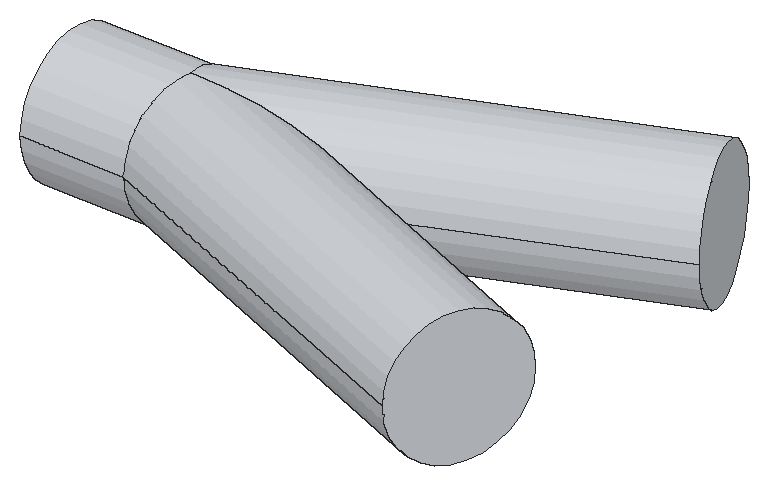
Revit family "0cd95ae767c547fabd8456451e4c03af", category Pipe Fittings, Revit 2021
Family settings
  Round Connector Dimension = Use Radius
  Part Type = Wye
  OmniClass Number = 23.60.30.11.14
  OmniClass Title = Pipework Fittings
  Work Plane-Based = No
  Always vertical = Yes
  Cut with Voids When Loaded = No
  Shared = No
Parameters (values of type "Standard")
  Tick Size [instance] = Fitting Outside Diameter * 0.4  # 2.6500"
  Nominal Radius [instance] = 3.0000"
  Nominal Diameter [instance] = Nominal Radius * 2  # 6.0000"
  Loss Method = K Coefficient from Table
  Lookup Table Name = "Wye - BV - Steel - Fabricated"
  Length 2 [instance] = cos(Angle / 2) * Center to End 1  # 19.45941"
  Length 1 [instance] = sin(Angle / 2) * Center to End 1  # 8.06035"
  K Coefficient Table = "Converging/Diverging Tee/Wye"
  Fitting Outside Radius [instance] = Fitting Outside Diameter / 2  # 3.3125"
  Fitting Outside Diameter [instance] = size_lookup(Lookup Table Name, "FOD", Nominal Diameter, Nominal Diameter)  # 6.6250"
  F Factor [instance] = size_lookup(Lookup Table Name, "Factr", 0.14 * Nominal Diameter + 5.1300", Nominal Diameter)  # 5.0000"
  Default Elevation = 0.0000"
  Center to End 2 [instance] = (Fitting Outside Radius * tan(Angle / 4)) + F Factor  # 5.6589"
  Center to End 1 [instance] = (F Factor / sin(Angle / 2)) + (Fitting Outside Radius / tan(Angle / 2))  # 21.06271"
  Angle 2 [instance] = Angle / 2  # 22.50°
  Angle [instance] = 45.00°
Reference planes (in)
  plane 1 "Center (Front/Back)": y = 0
  plane 2: z = 0
  plane 3 "Center (Left/Right)": x = 0
  plane 4: x = -5.6589
  plane 5: x = 19.45941
  plane 6: y = 2.65
  plane 7: y = -2.65
  plane 8: y = 8.06035
  plane 9: y = -8.06035
Forms (in)
  Sweep 1, solid, detail levels fine
    path origin (0, 0, 0) x (1, 0, 0) y (0, 1, 0)
      loop
        line (-5.6589, 0) -> (0, 0) -> (19.45941, 8.06035)
    profile origin (-2.82945, 0, 0) x (0, 1, 0) y (0, 0, 1)
      loop
        circle (0, 0) r 3.3125
  Sweep 2, solid, detail levels fine
    path origin (0, 0, 0) x (1, 0, 0) y (0, 1, 0)
      loop
        line (0, 0) -> (19.45941, -8.06035)
    profile origin (9.7297, -4.03018, 0) x (0.382683, 0.92388, 0) y (0, 0, 1)
      loop
        circle (0, 0) r 3.3125
Cuts and joins
  joined: Sweep 1, Sweep 2
Lines and regions (in)
  model lines, detail levels coarse+medium
    curve 1: line (-5.6589, 2.65, 0) -> (-5.6589, -2.65, 0)
    curve 5: line (18.4453, 10.50863, 0) -> (20.47352, 5.61207, 0)
    curve 6: line (19.45941, -8.06035, 0) -> (20.47352, -5.61207, 0)
    curve 7: line (19.45941, -8.06035, 0) -> (18.4453, -10.50863, 0)
  model lines, style "PipeFitting", detail levels coarse+medium
    curve 2: line (-5.6589, 0, 0) -> (0, 0, 0)
    curve 3: line (0, 0, 0) -> (19.45941, 8.06035, 0)
    curve 4: line (19.45941, -8.06035, 0) -> (0, 0, 0)
Dimensions and locks (in)
  "Center to End 2": plane 4 to plane 3 "Center (Left/Right)"
  "Tick Size": plane 6 to plane 1 "Center (Front/Back)"
  "Tick Size": plane 7 to plane 1 "Center (Front/Back)"
  "Length 1": plane 1 "Center (Front/Back)" to plane 9
  "Length 1": plane 8 to plane 1 "Center (Front/Back)"
  "Length 2": plane 3 "Center (Left/Right)" to plane 5
  "Center to End 1": curve 3 to curve 3
  "Center to End 1": curve 4 to curve 4
  "Tick Size": curve 3 to curve 5
  "Tick Size": curve 5 to curve 3
  "Tick Size": curve 4 to curve 7
  "Tick Size": curve 6 to curve 4
  "Fitting Outside Radius": radius of Sweep 1 sketch curve
  "Fitting Outside Radius": radius of Sweep 2 sketch curve
  "Angle 2": angle curve 4 to plane 1 "Center (Front/Back)"
  "Angle 2": angle plane 1 "Center (Front/Back)" to curve 3
  aligned and locked: plane 2 to level
  aligned and locked: plane 4 to curve 2
  aligned and locked: plane 1 "Center (Front/Back)" to curve 2
  aligned and locked: plane 6 to curve 1
  aligned and locked: plane 7 to curve 1
  aligned and locked: curve 1 to plane 4
  aligned and locked: plane 3 "Center (Left/Right)" to curve 2
  aligned and locked: plane 5 to Sweep 1 sketch curve
  aligned and locked: plane 8 to Sweep 1 sketch curve
  aligned and locked: plane 3 "Center (Left/Right)" to Sweep 1 sketch curve
  aligned and locked: plane 1 "Center (Front/Back)" to Sweep 1 sketch curve
  aligned and locked: plane 4 to Sweep 1 sketch curve
  aligned and locked: plane 1 "Center (Front/Back)" to Sweep 2 sketch curve
  aligned and locked: plane 3 "Center (Left/Right)" to Sweep 2 sketch curve
  aligned and locked: plane 5 to Sweep 2 sketch curve
  aligned and locked: plane 9 to Sweep 2 sketch curve
Automatic sketch dimensions
  Sweep 1 sketch curve to level = 0.0000"
  Sweep 1 sketch curve to profile plane = 0.0000"
  Sweep 2 sketch curve to level = 0.0000"
  Sweep 2 sketch curve to profile plane = 0.0000"
Connectors (in)
  piping at (-5.6589, 0, 0), diameter 6, driven by "Nominal Radius"
    settings: on Sweep 1, index 1, connector inside diameter 6.0000", connector length 0.0000", flow factor 0, pipe flow 0 GPM, pressure drop 0.00 psi, fitting loss kfactor 0, connector angle 0.00°, fixture units 0, engagement length 0.0000", angle of deflection 0.00°, flow configuration 0, flow direction 0, fitting loss method 0, system type 28, joint type 0, gender type 0, connector reference index -1, connector utility 0, adjustable connector no, is connector primary yes, connector description ""
  piping at (19.45941, 8.06035, 0), diameter 6, driven by "Nominal Radius"
    settings: on Sweep 1, index 2, connector inside diameter 6.0000", connector length 0.0000", flow factor 0, pipe flow 0 GPM, pressure drop 0.00 psi, fitting loss kfactor 0, connector angle 0.00°, fixture units 0, engagement length 0.0000", angle of deflection 0.00°, flow configuration 0, flow direction 0, fitting loss method 0, system type 28, joint type 0, gender type 0, connector reference index -1, connector utility 0, adjustable connector no, is connector primary no, connector description ""
  piping at (19.45941, -8.06035, 0), diameter 6, driven by "Nominal Radius"
    settings: on Sweep 2, index 3, connector inside diameter 6.0000", connector length 0.0000", flow factor 0, pipe flow 0 GPM, pressure drop 0.00 psi, fitting loss kfactor 0, connector angle 0.00°, fixture units 0, engagement length 0.0000", angle of deflection 0.00°, flow configuration 0, flow direction 0, fitting loss method 0, system type 28, joint type 0, gender type 0, connector reference index -1, connector utility 0, adjustable connector no, is connector primary no, connector description ""
